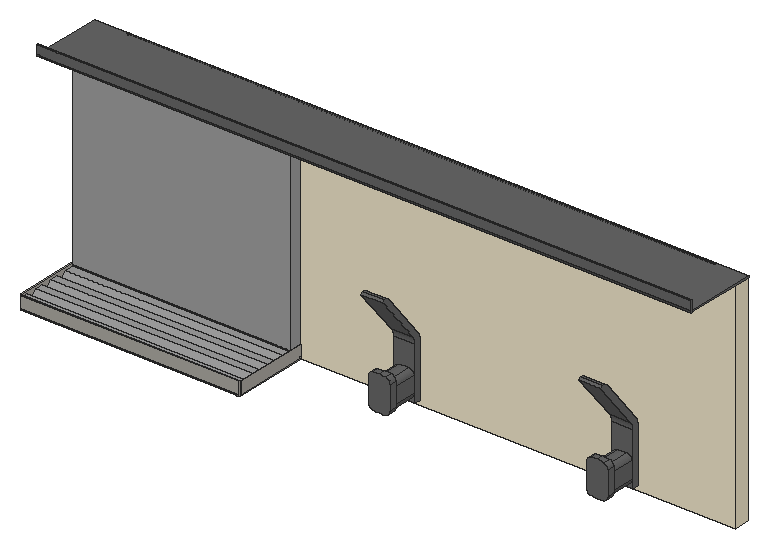
Revit family "Storage-Teknion-LWBWS_Byward_Wall_Shelves-R2019", category Furniture, Revit 2019
Family settings
  OmniClass Number = 23.40.20.00
  OmniClass Title = General Furniture and Specialties
  Work Plane-Based = No
  Always vertical = Yes
  Cut with Voids When Loaded = No
  Shared = Yes
  Room Calculation Point = No
Parameters (values of type "Right Hooks, Upper Shelf")
  Width [instance] = 30.000"
  Warranty = "http://www.teknion.com/ca/papers/legal-canada"
  Upper Shelf = yes
  Unit Weight URL = "http://www.teknion.com/ca/tools/assets#&asset=bee6a381-b954-425e-8283-5a2de3a804f2,f828d448-4b62-4231-9e5f-9a8991c0ed77"
  URL = "www.teknion.com"
  To render please download texture images found here [instance] = "https://assets.teknion.com/web/5e81352c1dfdb467/revit-material-swatches/"
  Sustainability Data = "https://www.teknion.com/ca/tools/assets#&topic=216f99a5-57a0-44fc-b10a-9dee9b29ae4c&asset=444deb64-fe58-4b68-981e-f75e97781df7,b4ff2d81-9f2e-437d-9659-7cffb09c31cf"
  Series = "Byward"  # constant formula
  Product Page URL = "https://www.teknion.com/ca/products/product-details?productLineId=87d0476f-8e7a-673b-a6c8-ff05004460c4"
  Product Line = "Byward"  # constant formula
  Product Documentation Link = "https://assets.teknion.com/m/d3f7903c0f9c31f/original/Byward-Reference-Guide.pdf"
  Part Number = "LWBWS"  # constant formula
  Mounting Height [instance] = 60.000"
  Model = "LWBWSR1004__"
  Manufacturer Phone = "416-661-3370"  # constant formula
  Manufacturer Fax = "416.661.4586"  # constant formula
  Manufacturer Contact Information = "http://www.teknion.com/ca/contactus"
  Manufacturer Address = "1150 Flint Road, Toronto, ON. M3J 2J5. Canada"  # constant formula
  Manufacturer = "Teknion"  # constant formula
  Lower Shelf with Tray = no
  Lower Shelf with Dividers = no
  Right Hooks, Upper Shelf = yes
  Left Hooks, Upper Shelf = no
  How To Use Teknion Materials User Guide [instance] = "https://assets.teknion.com/m/205dd0a49fa58060/original/How-to-add-a-Material-Library-and-Texture-Images-to-your-Revit-project.pdf"
  For Additional Finishes please visit [instance] = "https://assets.teknion.com/m/44a8009b046e5d47/original/Teknion_Materials_Library.zip"
  Description = "Byward, Wall Shelves, Right Hooks, Upper Shelf, 10\" Height, 4\" Depth"
  Bottom Sliding Tray = no
  Back Panel Finish [instance] = Veneer-Teknion-VZ-Flintwood-Blond_Maple (Long Grain)
  Available Widths [instance] = if(or([Left Hooks, Upper Shelf], [Right Hooks, Upper Shelf]), "30\" or 36\"", "24\", 30\", or 36\"")  # "30\" or 36\""
  Assembly Code = "E2020200"
  Accent Tray Paint Finish [instance] = Paint - Teknion - Mica - Titanium Grey
Reference planes (in)
  plane 1 "Center Front/Back": y = -1.02944
  plane 2: z = 0
  plane 3 "Center Left/Right": x = -0.79901
  plane 4 "Left": x = -15.79901
  plane 5 "Right": x = 14.20099
  plane 6 "Back": y = 1.33266
  plane 7 "Front": y = -3.39154
  plane 8 "Top": z = 60
Forms (in)
  Sweep 1, solid, material "Veneer-Teknion-VZ-Flintwood-Blond_Maple (Long Grain)" <- "Back Panel Finish"
    path origin (0, 0, 0) x (1, 0, 0) y (0, 1, 0)
      loop
        line (-15.79901, -1.02944) -> (14.20099, -1.02944)
    profile origin (-0.79901, -1.02944, 0) x (0, 1, 0) y (0, 0, 1)
      loop
        line (1.9649, 59.902) -> (1.2399, 59.902) -> (1.2399, 49.902) -> (1.9649, 49.902) -> (1.9649, 59.902)
  Sweep 2, solid, material "Paint-Teknion-23-Z-Foundation-Foundry Onyx"
    path origin (0, 0, 0) x (1, 0, 0) y (0, 1, 0)
      loop
        line (-14.29901, 1.15364) -> (-12.67401, 1.15364)
    profile origin (-13.48651, 1.15364, 0) x (0, 1, 0) y (0, 0, 1)
      loop
        line (0.08183, 51.8764) -> (0.08183, 51.1744) -> (0.15683, 51.1744) -> (0.15683, 51.8764)
        arc (0.15683, 51.8764) -> (0.1208, 51.96337) -> (0.03383, 51.9994) r 0.123
        line (0.03383, 51.9994) -> (-0.09517, 51.9994)
        arc (-0.09517, 51.9994) -> (-0.12911, 52.01346) -> (-0.14317, 52.0474) r 0.048
        line (-0.14317, 52.0474) -> (-0.14317, 53.0514)
        arc (-0.14317, 53.0514) -> (-0.12911, 53.08534) -> (-0.09517, 53.0994) r 0.048
        line (-0.09517, 53.0994) -> (0.03383, 53.0994)
        arc (0.03383, 53.0994) -> (0.1208, 53.13543) -> (0.15683, 53.2224) r 0.123
        line (0.15683, 53.2224) -> (0.15683, 53.9244) -> (0.08183, 53.9244) -> (0.08183, 53.2224)
        arc (0.08183, 53.2224) -> (0.06777, 53.18846) -> (0.03383, 53.1744) r 0.048
        line (0.03383, 53.1744) -> (-0.09517, 53.1744)
        arc (-0.09517, 53.1744) -> (-0.18215, 53.13837) -> (-0.21817, 53.0514) r 0.123
        line (-0.21817, 53.0514) -> (-0.21817, 52.0474)
        arc (-0.21817, 52.0474) -> (-0.18215, 51.96043) -> (-0.09517, 51.9244) r 0.123
        line (-0.09517, 51.9244) -> (0.03383, 51.9244)
        arc (0.03383, 51.9244) -> (0.06777, 51.91034) -> (0.08183, 51.8764) r 0.048
  Sweep 3, solid, material "Paint-Teknion-23-Z-Foundation-Foundry Onyx", visible <- "Bottom Sliding Tray"
    path origin (0, 0, 0) x (1, 0, 0) y (0, 1, 0)
      loop
        line (-15.79901, -1.02944) -> (14.20099, -1.02944)
    profile origin (-0.79901, -1.02944, 0) x (0, 1, 0) y (0, 0, 1)
      loop
        line (2.0129, 50.854) -> (1.9649, 50.854) -> (1.9649, 49.932)
        arc (1.9649, 49.932) -> (1.95611, 49.91079) -> (1.9349, 49.902) r 0.03
        line (1.9349, 49.902) -> (-2.2841, 49.902)
        arc (-2.2841, 49.902) -> (-2.30531, 49.91079) -> (-2.3141, 49.932) r 0.03
        line (-2.3141, 49.932) -> (-2.3141, 50.354) -> (-2.3621, 50.354) -> (-2.3621, 49.932)
        arc (-2.3621, 49.932) -> (-2.33925, 49.87685) -> (-2.2841, 49.854) r 0.078
        line (-2.2841, 49.854) -> (1.9349, 49.854)
        arc (1.9349, 49.854) -> (1.99005, 49.87685) -> (2.0129, 49.932) r 0.078
        line (2.0129, 49.932) -> (2.0129, 50.854)
  Sweep 4, solid, material "Fabric - Teknion - R5 - Smooth Felt - Pewter", visible <- "Lower Shelf with Tray"
    path origin (0, 0, 0) x (1, 0, 0) y (0, 1, 0)
      loop
        line (-15.79901, -1.45801) -> (-5.79901, -1.45801)
    profile origin (-10.79901, -1.45801, 0) x (0, 1, 0) y (0, 0, 1)
      loop
        line (-1.83152, 56.048) -> (1.56848, 56.048) -> (1.56848, 56.54013) -> (0.97, 56.54013) -> (0.72388, 56.294) -> (0.47775, 56.54013) -> (0.11454, 56.54013) -> (-0.13152, 56.29406) -> (-0.37759, 56.54013) -> (-0.7408, 56.54013) -> (-0.98692, 56.294) -> (-1.23305, 56.54013) -> (-1.83152, 56.54013) -> (-1.83152, 56.048)
  Sweep 5, solid, material "Paint - Teknion - Mica - Titanium Grey" <- "Accent Tray Paint Finish", visible <- "Lower Shelf with Tray"
    path origin (0, 0, 0) x (1, 0, 0) y (0, 1, 0)
      loop
        line (-15.79901, -1.45801) -> (-5.79901, -1.45801)
    profile origin (-10.79901, -1.45801, 0) x (0, 1, 0) y (0, 0, 1)
      loop
        line (2.45848, 58.95) -> (2.50648, 58.95) -> (2.50648, 59.922)
        arc (2.50648, 59.922) -> (2.48363, 59.97715) -> (2.42848, 60) r 0.078
        line (2.42848, 60) -> (1.69848, 60)
        arc (1.69848, 60) -> (1.64332, 59.97715) -> (1.62048, 59.922) r 0.078
        line (1.62048, 59.922) -> (1.62048, 56.078)
        arc (1.62048, 56.078) -> (1.61169, 56.05679) -> (1.59048, 56.048) r 0.03
        line (1.59048, 56.048) -> (-1.83152, 56.048)
        arc (-1.83152, 56.048) -> (-1.85274, 56.05679) -> (-1.86152, 56.078) r 0.03
        line (-1.86152, 56.078) -> (-1.86152, 56.625) -> (-1.90952, 56.625) -> (-1.90952, 56.078)
        arc (-1.90952, 56.078) -> (-1.88668, 56.02285) -> (-1.83152, 56) r 0.078
        line (-1.83152, 56) -> (1.59048, 56)
        arc (1.59048, 56) -> (1.64563, 56.02285) -> (1.66848, 56.078) r 0.078
        line (1.66848, 56.078) -> (1.66848, 59.922)
        arc (1.66848, 59.922) -> (1.67726, 59.94321) -> (1.69848, 59.952) r 0.03
        line (1.69848, 59.952) -> (2.42848, 59.952)
        arc (2.42848, 59.952) -> (2.44969, 59.94321) -> (2.45848, 59.922) r 0.03
        line (2.45848, 59.922) -> (2.45848, 58.95)
  Sweep 6, solid, material "Paint - Teknion - Mica - Titanium Grey" <- "Accent Tray Paint Finish", visible <- "Lower Shelf with Tray"
    path origin (0, 0, 0) x (1, 0, 0) y (0, 1, 0)
      loop
        line (-15.85301, -3.2917) -> (-15.85301, 0.13246)
    profile origin (-15.85301, -1.57962, 0) x (-1, 0, 0) y (0, 0, 1)
      loop
        line (-0.024, 56.625) -> (-0.024, 56.078)
        arc (-0.024, 56.078) -> (-0.03279, 56.05679) -> (-0.054, 56.048) r 0.03
        line (-0.054, 56.048) -> (-0.054, 56)
        arc (-0.054, 56) -> (0.00115, 56.02285) -> (0.024, 56.078) r 0.078
        line (0.024, 56.078) -> (0.024, 56.625) -> (-0.024, 56.625)
      loop
        line (-10.084, 56.625) -> (-10.132, 56.625) -> (-10.132, 56.078)
        arc (-10.132, 56.078) -> (-10.10915, 56.02285) -> (-10.054, 56) r 0.078
        line (-10.054, 56) -> (-10.054, 56.048)
        arc (-10.054, 56.048) -> (-10.07521, 56.05679) -> (-10.084, 56.078) r 0.03
        line (-10.084, 56.078) -> (-10.084, 56.625)
  Sweep 7, solid, material "Paint-Teknion-23-Z-Foundation-Foundry Onyx"
    path origin (25.625, 0, 0) x (1, 0, 0) y (0, 1, 0)
      loop
        line (-14.29901, 1.15364) -> (-12.79901, 1.15364)
    profile origin (12.07599, 1.15364, 0) x (0, 1, 0) y (0, 0, 1)
      loop
        line (0.08183, 51.8764) -> (0.08183, 51.1744) -> (0.15683, 51.1744) -> (0.15683, 51.8764)
        arc (0.15683, 51.8764) -> (0.1208, 51.96337) -> (0.03383, 51.9994) r 0.123
        line (0.03383, 51.9994) -> (-0.09517, 51.9994)
        arc (-0.09517, 51.9994) -> (-0.12911, 52.01346) -> (-0.14317, 52.0474) r 0.048
        line (-0.14317, 52.0474) -> (-0.14317, 53.0514)
        arc (-0.14317, 53.0514) -> (-0.12911, 53.08534) -> (-0.09517, 53.0994) r 0.048
        line (-0.09517, 53.0994) -> (0.03383, 53.0994)
        arc (0.03383, 53.0994) -> (0.1208, 53.13543) -> (0.15683, 53.2224) r 0.123
        line (0.15683, 53.2224) -> (0.15683, 53.9244) -> (0.08183, 53.9244) -> (0.08183, 53.2224)
        arc (0.08183, 53.2224) -> (0.06777, 53.18846) -> (0.03383, 53.1744) r 0.048
        line (0.03383, 53.1744) -> (-0.09517, 53.1744)
        arc (-0.09517, 53.1744) -> (-0.18215, 53.13837) -> (-0.21817, 53.0514) r 0.123
        line (-0.21817, 53.0514) -> (-0.21817, 52.0474)
        arc (-0.21817, 52.0474) -> (-0.18215, 51.96043) -> (-0.09517, 51.9244) r 0.123
        line (-0.09517, 51.9244) -> (0.03383, 51.9244)
        arc (0.03383, 51.9244) -> (0.06777, 51.91034) -> (0.08183, 51.8764) r 0.048
  Sweep 8, solid, material "Paint-Teknion-23-Z-Foundation-Foundry Onyx"
    path origin (0, 0, 0) x (1, 0, 0) y (0, 1, 0)
      loop
        line (-14.29901, 1.12296) -> (12.70099, 1.12296)
    profile origin (-0.79901, 1.12296, 0) x (0, 1, 0) y (0, 0, 1)
      loop
        line (0.1617, 58.27007) -> (0.1617, 57.52007) -> (0.2097, 57.52007) -> (0.2097, 58.26176)
        arc (0.2097, 58.26176) -> (0.20701, 58.28221) -> (0.19912, 58.30126) r 0.079
        line (0.19912, 58.30126) -> (0.16393, 58.3622) -> (0.2055, 58.3862) -> (-0.04008, 58.81157)
        arc (-0.04008, 58.81157) -> (-0.12895, 58.84838) -> (-0.1875, 58.77207) r 0.079
        line (-0.1875, 58.77207) -> (-0.1875, 57.5669) -> (-0.1395, 57.5669) -> (-0.1395, 58.77207)
        arc (-0.1395, 58.77207) -> (-0.11754, 58.80175) -> (-0.08273, 58.78943) r 0.03104
        line (-0.08273, 58.78943) -> (-0.1243, 58.76543) -> (0.1617, 58.27007)
  Sweep 9, solid, material "Paint - Teknion - Mica - Titanium Grey" <- "Accent Tray Paint Finish", visible <- "Lower Shelf with Dividers"
    path origin (0, 0, 0) x (1, 0, 0) y (0, 1, 0)
      loop
        line (-5.19305, 0.60521) -> (2.80695, 0.60521)
    profile origin (-1.19305, 0.60521, 0) x (0, 1, 0) y (0, 0, 1)
      loop
        line (-0.44275, 59.942) -> (-0.44275, 50.02) -> (-0.39475, 50.02) -> (-0.39475, 59.942) -> (0.39475, 59.942) -> (0.39475, 58.94) -> (0.44275, 58.94) -> (0.44275, 59.942)
        arc (0.44275, 59.942) -> (0.42869, 59.97594) -> (0.39475, 59.99) r 0.048
        line (0.39475, 59.99) -> (-0.39475, 59.99)
        arc (-0.39475, 59.99) -> (-0.42869, 59.97594) -> (-0.44275, 59.942) r 0.048
  Sweep 10, void
    path origin (-0.79901, 0, 0) x (0, 1, 0) y (0, 0, 1)
      loop
        line (0.16246, 54.19937) -> (0.21046, 54.19937)
    profile origin (-0.79901, 0.18646, 54.19937) x (0, 0, 1) y (1, 0, 0)
      loop
        line (-3.30437, -3.14404) -> (0.19563, -3.14404)
        arc (0.19563, -3.14404) -> (0.28402, -3.10743) -> (0.32063, -3.01904) r 0.125
        line (0.32063, -3.01904) -> (0.32063, 0.48096)
        arc (0.32063, 0.48096) -> (0.28402, 0.56935) -> (0.19563, 0.60596) r 0.125
        line (0.19563, 0.60596) -> (-3.30437, 0.60596)
        arc (-3.30437, 0.60596) -> (-3.39276, 0.56935) -> (-3.42937, 0.48096) r 0.125
        line (-3.42937, 0.48096) -> (-3.42937, -3.01904)
        arc (-3.42937, -3.01904) -> (-3.39276, -3.10743) -> (-3.30437, -3.14404) r 0.125
  Sweep 11, solid, material "Paint - Teknion - Mica - Titanium Grey" <- "Accent Tray Paint Finish", visible <- "Lower Shelf with Dividers"
    path origin (0, 0, 0) x (1, 0, 0) y (0, 1, 0)
      loop
        line (-7.19305, -0.65004) -> (0.80695, -0.65004)
    profile origin (-3.19305, -0.65004, 0) x (0, 1, 0) y (0, 0, 1)
      loop
        line (0.7825, 49.99) -> (-0.6575, 49.99)
        arc (-0.6575, 49.99) -> (-0.67871, 49.99879) -> (-0.6875, 50.02) r 0.03
        line (-0.6875, 50.02) -> (-0.6875, 55.942) -> (-0.7355, 55.942) -> (-0.7355, 50.02)
        arc (-0.7355, 50.02) -> (-0.71265, 49.96485) -> (-0.6575, 49.942) r 0.078
        line (-0.6575, 49.942) -> (0.7825, 49.942) -> (0.7825, 49.99)
  Sweep 12, solid, material "Paint - Teknion - Mica - Titanium Grey" <- "Accent Tray Paint Finish", visible <- "Lower Shelf with Dividers"
    path origin (0, 0, 0) x (1, 0, 0) y (0, 1, 0)
      loop
        line (-5.19305, 0.18646) -> (0.80695, 0.18646)
    profile origin (-2.19305, 0.18646, 0) x (0, 1, 0) y (0, 0, 1)
      loop
        arc (-0.024, 50.02) -> (-0.03279, 49.99879) -> (-0.054, 49.99) r 0.03
        line (-0.054, 49.99) -> (-0.054, 49.942)
        arc (-0.054, 49.942) -> (0.00115, 49.96485) -> (0.024, 50.02) r 0.078
        line (0.024, 50.02) -> (-0.024, 50.02)
  Sweep 13, void
    path origin (0, 0, 0) x (1, 0, 0) y (0, 1, 0)
      loop
        line (-3.19305, -1.38554) -> (-3.19305, -1.33754)
    profile origin (-3.19305, -1.36154, 0) x (-1, 0, 0) y (0, 0, 1)
      loop
        line (4, 55.942) -> (3.75, 55.942)
        arc (3.75, 55.942) -> (3.92678, 55.86878) -> (4, 55.692) r 0.25
        line (4, 55.692) -> (4, 55.942)
      loop
        line (-4, 55.942) -> (-4, 55.692)
        arc (-4, 55.692) -> (-3.92678, 55.86878) -> (-3.75, 55.942) r 0.25
        line (-3.75, 55.942) -> (-4, 55.942)
  Sweep 14, solid, material "Paint-Teknion-23-Z-Foundation-Foundry Onyx", visible <- "Upper Shelf"
    path origin (0, 0, 0) x (1, 0, 0) y (0, 1, 0)
      loop
        line (14.20099, 0.90546) -> (-15.79901, 0.90546)
    profile origin (-0.79901, 0.90546, 0) x (0, -1, 0) y (0, 0, 1)
      loop
        line (3.195, 59.962) -> (-0.03, 59.962) -> (-0.03, 59.902) -> (3.195, 59.902)
        arc (3.195, 59.902) -> (3.25864, 59.92836) -> (3.285, 59.992) r 0.09
        line (3.285, 59.992) -> (3.285, 60.402) -> (3.225, 60.402) -> (3.225, 59.992)
        arc (3.225, 59.992) -> (3.21621, 59.97079) -> (3.195, 59.962) r 0.03
  Sweep 15, solid, material "Paint-Teknion-23-Z-Foundation-Foundry Onyx", visible <- "Upper Shelf"
    path origin (0, 0, 0) x (1, 0, 0) y (0, 1, 0)
      loop
        line (-14.29901, 1.18296) -> (12.70099, 1.18296)
    profile origin (-0.79901, 1.18296, 0) x (0, 1, 0) y (0, 0, 1)
      loop
        line (-0.1875, 58.987) -> (-0.1875, 59.872)
        arc (-0.1875, 59.872) -> (-0.21386, 59.93564) -> (-0.2775, 59.962) r 0.09
        line (-0.2775, 59.962) -> (-0.2775, 59.902)
        arc (-0.2775, 59.902) -> (-0.25629, 59.89321) -> (-0.2475, 59.872) r 0.03
        line (-0.2475, 59.872) -> (-0.2475, 58.97092) -> (0.07304, 58.41573) -> (0.125, 58.44573) -> (-0.1875, 58.987)
  Sweep 16, solid, material "Paint - Teknion - Mica - Titanium Grey" <- "Accent Tray Paint Finish", visible <- "Right Hooks, Upper Shelf"
    path origin (0, 0, 0) x (1, 0, 0) y (0, 1, 0)
      loop
        line (-15.85301, 0.15546) -> (-15.85301, -3.2117)
    profile origin (-15.85301, -1.52812, 0) x (1, 0, 0) y (0, 0, 1)
      loop
        arc (-0.024, 49.932) -> (-0.00115, 49.87685) -> (0.054, 49.854) r 0.078
        line (0.054, 49.854) -> (0.054, 49.902)
        arc (0.054, 49.902) -> (0.03279, 49.91079) -> (0.024, 49.932) r 0.03
        line (0.024, 49.932) -> (0.024, 50.479) -> (-0.024, 50.479) -> (-0.024, 49.932)
      loop
        line (10.132, 49.932) -> (10.132, 50.479) -> (10.084, 50.479) -> (10.084, 49.932)
        arc (10.084, 49.932) -> (10.07521, 49.91079) -> (10.054, 49.902) r 0.03
        line (10.054, 49.902) -> (10.054, 49.854)
        arc (10.054, 49.854) -> (10.10915, 49.87685) -> (10.132, 49.932) r 0.078
  Sweep 17, solid, material "Paint - Teknion - Mica - Titanium Grey" <- "Accent Tray Paint Finish", visible <- "Right Hooks, Upper Shelf"
    path origin (0, 0, 0) x (1, 0, 0) y (0, 1, 0)
      loop
        line (-15.79901, -1.57962) -> (-5.79901, -1.57962)
    profile origin (-10.79901, -1.57962, 0) x (0, 1, 0) y (0, 0, 1)
      loop
        line (2.56308, 50.854) -> (2.51508, 50.854) -> (2.51508, 49.902) -> (-1.62992, 49.902)
        arc (-1.62992, 49.902) -> (-1.65113, 49.91079) -> (-1.65992, 49.932) r 0.03
        line (-1.65992, 49.932) -> (-1.65992, 50.479) -> (-1.70792, 50.479) -> (-1.70792, 49.92984)
        arc (-1.70792, 49.92984) -> (-1.68571, 49.87621) -> (-1.63208, 49.854) r 0.07584
        line (-1.63208, 49.854) -> (2.48508, 49.854)
        arc (2.48508, 49.854) -> (2.54023, 49.87685) -> (2.56308, 49.932) r 0.078
        line (2.56308, 49.932) -> (2.56308, 50.854)
  Sweep 18, solid, material "Fabric - Teknion - R5 - Smooth Felt - Pewter", visible <- "Right Hooks, Upper Shelf"
    path origin (0, 0, 0) x (1, 0, 0) y (0, 1, 0)
      loop
        line (-15.79901, -1.6704) -> (-5.79901, -1.6704)
    profile origin (-10.79901, -1.6704, 0) x (0, 1, 0) y (0, 0, 1)
      loop
        line (0.95032, 50.39413) -> (0.70426, 50.14806) -> (0.4582, 50.39413) -> (0.09482, 50.39413) -> (-0.15124, 50.14806) -> (-0.3973, 50.39413) -> (-0.76118, 50.39413) -> (-1.00724, 50.14806) -> (-1.2533, 50.39413) -> (-1.53914, 50.39413) -> (-1.53914, 49.932) -> (1.79886, 49.932) -> (1.33674, 50.39413) -> (0.95032, 50.39413)
  Sweep 19, solid, material "Fabric - Teknion - R5 - Smooth Felt - Pewter", visible <- "Right Hooks, Upper Shelf"
    path origin (0, 0, 0) x (1, 0, 0) y (0, 1, 0)
      loop
        line (-15.79901, -0.1026) -> (-5.79901, -0.1026)
    profile origin (-10.79901, -0.1026, 0) x (0, 1, 0) y (0, 0, 1)
      loop
        line (-0.19906, 59.887) -> (-0.19906, 50.42613) -> (0.29306, 49.934) -> (0.29306, 59.887) -> (-0.19906, 59.887)
  Sweep 20, solid, material "Paint - Teknion - Mica - Titanium Grey" <- "Accent Tray Paint Finish", visible <- "Left Hooks, Upper Shelf"
    path origin (30.108, 0, 0) x (1, 0, 0) y (0, 1, 0)
      loop
        line (-15.85301, -3.2117) -> (-15.85301, 0.15546)
    profile origin (14.25499, -1.52812, 0) x (-1, 0, 0) y (0, 0, 1)
      loop
        arc (-0.024, 49.884) -> (-0.00115, 49.82885) -> (0.054, 49.806) r 0.078
        line (0.054, 49.806) -> (0.054, 49.854)
        arc (0.054, 49.854) -> (0.03279, 49.86279) -> (0.024, 49.884) r 0.03
        line (0.024, 49.884) -> (0.024, 50.431) -> (-0.024, 50.431) -> (-0.024, 49.884)
      loop
        line (10.132, 49.884) -> (10.132, 50.431) -> (10.084, 50.431) -> (10.084, 49.884)
        arc (10.084, 49.884) -> (10.07521, 49.86279) -> (10.054, 49.854) r 0.03
        line (10.054, 49.854) -> (10.054, 49.806)
        arc (10.054, 49.806) -> (10.10915, 49.82885) -> (10.132, 49.884) r 0.078
  Sweep 21, solid, material "Paint - Teknion - Mica - Titanium Grey" <- "Accent Tray Paint Finish", visible <- "Left Hooks, Upper Shelf"
    path origin (20, 0, 0) x (1, 0, 0) y (0, 1, 0)
      loop
        line (-15.79901, -1.57962) -> (-5.79901, -1.57962)
    profile origin (9.20099, -1.57962, 0) x (0, 1, 0) y (0, 0, 1)
      loop
        line (2.56308, 50.854) -> (2.51508, 50.854) -> (2.51508, 49.902) -> (-1.62992, 49.902)
        arc (-1.62992, 49.902) -> (-1.65113, 49.91079) -> (-1.65992, 49.932) r 0.03
        line (-1.65992, 49.932) -> (-1.65992, 50.479) -> (-1.70792, 50.479) -> (-1.70792, 49.92984)
        arc (-1.70792, 49.92984) -> (-1.68571, 49.87621) -> (-1.63208, 49.854) r 0.07584
        line (-1.63208, 49.854) -> (2.48508, 49.854)
        arc (2.48508, 49.854) -> (2.54023, 49.87685) -> (2.56308, 49.932) r 0.078
        line (2.56308, 49.932) -> (2.56308, 50.854)
  Sweep 22, solid, material "Fabric - Teknion - R5 - Smooth Felt - Pewter", visible <- "Left Hooks, Upper Shelf"
    path origin (20, 0, 0) x (1, 0, 0) y (0, 1, 0)
      loop
        line (-15.79901, -1.6704) -> (-5.79901, -1.6704)
    profile origin (9.20099, -1.6704, 0) x (0, 1, 0) y (0, 0, 1)
      loop
        line (0.95032, 50.39413) -> (0.70426, 50.14806) -> (0.4582, 50.39413) -> (0.09482, 50.39413) -> (-0.15124, 50.14806) -> (-0.3973, 50.39413) -> (-0.76118, 50.39413) -> (-1.00724, 50.14806) -> (-1.2533, 50.39413) -> (-1.53914, 50.39413) -> (-1.53914, 49.932) -> (1.79886, 49.932) -> (1.33674, 50.39413) -> (0.95032, 50.39413)
  Sweep 23, solid, material "Fabric - Teknion - R5 - Smooth Felt - Pewter", visible <- "Left Hooks, Upper Shelf"
    path origin (20, 0, 0) x (1, 0, 0) y (0, 1, 0)
      loop
        line (-15.79901, -0.1026) -> (-5.79901, -0.1026)
    profile origin (9.20099, -0.1026, 0) x (0, 1, 0) y (0, 0, 1)
      loop
        line (-0.19906, 59.887) -> (-0.19906, 50.42613) -> (0.29306, 49.934) -> (0.29306, 59.887) -> (-0.19906, 59.887)
Cuts and joins
  Sweep 10 cuts Sweep 9
  Sweep 13 cuts Sweep 11
Lines and regions (in)
  Masking region 1
    outline origin (0, 0, 0) x (1, 0, 0) y (0, 1, 0)
      loop
        line (-15.79901, 0.93546) -> (-15.79901, 0.21046) -> (14.20099, 0.21046) -> (14.20099, 0.93546) -> (-15.79901, 0.93546)
  Masking region 2, visible <- "Bottom Sliding Tray"
    outline origin (0, 0, 0) x (1, 0, 0) y (0, 1, 0)
      loop
        line (-15.79901, 0.21046) -> (-15.79901, -3.39154) -> (14.20099, -3.39154) -> (14.20099, 0.21046) -> (-15.79901, 0.21046)
  Masking region 3, visible <- "Bottom Sliding Tray"
    outline origin (0, 0, 0) x (1, 0, 0) y (0, 1, 0)
      loop
        line (-15.79901, 0.98346) -> (-15.79901, 0.93546) -> (14.20099, 0.93546) -> (14.20099, 0.98346) -> (-15.79901, 0.98346)
  Masking region 4, visible <- "Lower Shelf with Tray"
    outline origin (0, 0, 0) x (1, 0, 0) y (0, 1, 0)
      loop
        line (-15.79901, 1.04846) -> (-15.79901, 0.11046) -> (-5.79901, 0.11046) -> (-5.79901, 1.04846) -> (-15.79901, 1.04846)
  Masking region 5, visible <- "Lower Shelf with Tray"
    outline origin (0, 0, 0) x (1, 0, 0) y (0, 1, 0)
      loop
        line (-15.79901, 0.11046) -> (-15.79901, -3.28954) -> (-5.79901, -3.28954) -> (-5.79901, 0.11046) -> (-15.79901, 0.11046)
  Masking region 6, visible <- "Lower Shelf with Tray"
    outline origin (0, 0, 0) x (1, 0, 0) y (0, 1, 0)
      loop
        line (-15.87701, 0.13246) -> (-15.87701, -3.2917) -> (-15.79901, -3.2917) -> (-15.79901, 0.13246) -> (-15.87701, 0.13246)
  Masking region 7, visible <- "Lower Shelf with Tray"
    outline origin (0, 0, 0) x (1, 0, 0) y (0, 1, 0)
      loop
        line (-5.79901, 0.13246) -> (-5.79901, -3.2917) -> (-5.72101, -3.2917) -> (-5.72101, 0.13246) -> (-5.79901, 0.13246)
  Masking region 8, visible <- "Lower Shelf with Tray"
    outline origin (0, 0, 0) x (1, 0, 0) y (0, 1, 0)
      loop
        line (-15.79901, -3.36754) -> (-5.79901, -3.36754) -> (-5.79901, -3.2917) -> (-15.79901, -3.2917) -> (-15.79901, -3.36754)
  Masking region 9, visible <- "Upper Shelf"
    outline origin (0, 0, 0) x (1, 0, 0) y (0, 1, 0)
      loop
        line (-15.79901, 0.93546) -> (-15.79901, -2.37954) -> (14.20099, -2.37954) -> (14.20099, 0.93546) -> (-15.79901, 0.93546)
  Masking region 10, visible <- "Lower Shelf with Dividers"
    outline origin (0, 0, 0) x (1, 0, 0) y (0, 1, 0)
      loop
        line (0.80695, 0.13246) -> (-7.19305, 0.13246) -> (-7.19305, -1.38554) -> (0.80695, -1.38554) -> (0.80695, 0.13246)
  Masking region 11, visible <- "Lower Shelf with Dividers"
    outline origin (0, 0, 0) x (1, 0, 0) y (0, 1, 0)
      loop
        line (-5.19305, 1.04796) -> (-5.19305, 0.13246) -> (2.80695, 0.13246) -> (2.80695, 1.04796) -> (-5.19305, 1.04796)
  Masking region 12, visible <- "Left Hooks, Upper Shelf"
    outline origin (0, 0, 0) x (1, 0, 0) y (0, 1, 0)
      loop
        line (4.12299, -3.2117) -> (4.20099, -3.2117) -> (4.20099, -2.37954) -> (4.12299, -2.37954) -> (4.12299, -3.2117)
      loop
        line (14.20099, -3.2117) -> (14.27899, -3.2117) -> (14.27899, 0.15546) -> (14.20099, 0.15546) -> (14.20099, -3.2117)
  Masking region 13, visible <- "Left Hooks, Upper Shelf"
    outline origin (0, 0, 0) x (1, 0, 0) y (0, 1, 0)
      loop
        line (4.20099, -3.20954) -> (14.20099, -3.20954) -> (14.20099, -2.37954) -> (4.20099, -2.37954) -> (4.20099, -3.20954)
  Masking region 14, visible <- "Left Hooks, Upper Shelf"
    outline origin (0, 0, 0) x (1, 0, 0) y (0, 1, 0)
      loop
        line (4.20099, -3.20954) -> (4.20099, -3.28754) -> (14.20099, -3.28754) -> (14.20099, -3.20954) -> (4.20099, -3.20954)
  Masking region 15, visible <- "Right Hooks, Upper Shelf"
    outline origin (0, 0, 0) x (1, 0, 0) y (0, 1, 0)
      loop
        line (-15.87701, 0.15546) -> (-15.87701, -3.2117) -> (-15.79901, -3.2117) -> (-15.79901, 0.15546) -> (-15.87701, 0.15546)
      loop
        line (-5.72101, -2.37954) -> (-5.79901, -2.37954) -> (-5.79901, -3.2117) -> (-5.72101, -3.2117) -> (-5.72101, -2.37954)
  Masking region 16, visible <- "Right Hooks, Upper Shelf"
    outline origin (0, 0, 0) x (1, 0, 0) y (0, 1, 0)
      loop
        line (-15.79901, -3.20954) -> (-15.79901, -3.28754) -> (-5.79901, -3.28754) -> (-5.79901, -3.20954) -> (-15.79901, -3.20954)
  Masking region 17, visible <- "Right Hooks, Upper Shelf"
    outline origin (0, 0, 0) x (1, 0, 0) y (0, 1, 0)
      loop
        line (-15.79901, -2.37954) -> (-15.79901, -3.2117) -> (-5.79901, -3.2117) -> (-5.79901, -2.37954) -> (-15.79901, -2.37954)
  Masking region 18, visible <- "Right Hooks, Upper Shelf"
    outline origin (0, 0, 0) x (1, 0, 0) y (0, 1, 0)
      loop
        line (-15.79901, 0.98346) -> (-15.79901, 0.93546) -> (-5.79901, 0.93546) -> (-5.79901, 0.98346) -> (-15.79901, 0.98346)
  Masking region 19, visible <- "Left Hooks, Upper Shelf"
    outline origin (0, 0, 0) x (1, 0, 0) y (0, 1, 0)
      loop
        line (4.20099, 0.98346) -> (4.20099, 0.93546) -> (14.20099, 0.93546) -> (14.20099, 0.98346) -> (4.20099, 0.98346)
  Masking region 20
    outline origin (0, 0, 0) x (1, 0, 0) y (0, 1, 0)
      loop
        line (-14.29901, 1.33266) -> (-14.29901, 0.90546) -> (12.82599, 0.90546) -> (12.82599, 1.33266) -> (-14.29901, 1.33266)
  symbolic lines, visible <- "Lower Shelf with Tray"
    curve 1: line (-5.79901, -0.48801, 0) -> (-15.79901, -0.48801, 0)
    curve 2: line (-5.79901, -0.73414, 0) -> (-15.79901, -0.73414, 0)
    curve 3: line (-5.79901, -0.98026, 0) -> (-15.79901, -0.98026, 0)
    curve 4: line (-5.79901, -1.34347, 0) -> (-15.79901, -1.34347, 0)
    curve 5: line (-5.79901, -1.58954, 0) -> (-15.79901, -1.58954, 0)
    curve 6: line (-5.79901, -1.8356, 0) -> (-15.79901, -1.8356, 0)
    curve 7: line (-5.79901, -2.19881, 0) -> (-15.79901, -2.19881, 0)
    curve 8: line (-5.79901, -2.44494, 0) -> (-15.79901, -2.44494, 0)
    curve 9: line (-5.79901, -2.69106, 0) -> (-15.79901, -2.69106, 0)
  symbolic lines, visible <- "Upper Shelf"
    curve 10: line (14.20099, -2.31954, 0) -> (-15.79901, -2.31954, 0)
  reference lines
    curve 11: line (-15.79901, 2.75482, 0) -> (-15.79901, -4.9241, 0)
    curve 12: line (14.20099, 2.75482, 0) -> (14.20099, -4.9241, 0)
  symbolic lines, style "FurnitureHiddenLines", visible <- "Left Hooks, Upper Shelf", detail levels medium+fine
    curve 13: line (4.20099, -2.37954, 0) -> (4.20099, 0.15546, 0)
    curve 22: line (14.20099, -2.31954, 0) -> (14.20099, 0.15546, 0)
    curve 23: line (4.12299, 0.15546, 0) -> (4.12299, -3.2117, 0)
    curve 24: line (14.20099, 0.15546, 0) -> (4.12299, 0.15546, 0)
    curve 25: line (4.20099, 0.15546, 0) -> (4.20099, 0.98346, 0)
    curve 26: line (4.20099, 0.98346, 0) -> (14.20099, 0.98346, 0)
    curve 27: line (14.20099, 0.98346, 0) -> (14.20099, 0.15546, 0)
    curve 46: line (-0.29901, 0.21046, 0) -> (-0.29901, -1.88715, 0)
    curve 47: line (-1.29901, -1.88715, 0) -> (-0.29901, -1.88715, 0)
    curve 48: line (-1.29901, 0.21046, 0) -> (-1.29901, -1.88715, 0)
    curve 49: line (-11.29901, 0.21046, 0) -> (-11.29901, -1.88715, 0)
    curve 50: line (-10.29901, 0.21046, 0) -> (-10.29901, -1.88715, 0)
    curve 51: line (-11.29901, -1.88715, 0) -> (-10.29901, -1.88715, 0)
  symbolic lines, style "FurnitureHiddenLines", visible <- "Left Hooks, Upper Shelf", detail levels fine
    curve 14: line (14.20099, 0.12846, 0) -> (4.20099, 0.12846, 0)
    curve 15: line (4.20099, -0.33366, 0) -> (14.20099, -0.33366, 0)
    curve 16: line (14.20099, -0.72007, 0) -> (4.20099, -0.72007, 0)
    curve 17: line (14.20099, -0.96614, 0) -> (4.20099, -0.96614, 0)
    curve 18: line (14.20099, -1.2122, 0) -> (4.20099, -1.2122, 0)
    curve 19: line (14.20099, -1.57557, 0) -> (4.20099, -1.57557, 0)
    curve 20: line (14.20099, -1.82164, 0) -> (4.20099, -1.82164, 0)
    curve 21: line (14.20099, -2.0677, 0) -> (4.20099, -2.0677, 0)
  symbolic lines, style "FurnitureHiddenLines", visible <- "Right Hooks, Upper Shelf", detail levels fine
    curve 28: line (-5.79901, -2.9237, 0) -> (-15.79901, -2.9237, 0)
    curve 29: line (-5.79901, -2.67764, 0) -> (-15.79901, -2.67764, 0)
    curve 30: line (-5.79901, -2.0677, 0) -> (-15.79901, -2.0677, 0)
    curve 31: line (-5.79901, -1.82164, 0) -> (-15.79901, -1.82164, 0)
    curve 32: line (-5.79901, -1.57557, 0) -> (-15.79901, -1.57557, 0)
    curve 33: line (-5.79901, -1.2122, 0) -> (-15.79901, -1.2122, 0)
    curve 34: line (-5.79901, -0.96614, 0) -> (-15.79901, -0.96614, 0)
    curve 35: line (-5.79901, -0.72007, 0) -> (-15.79901, -0.72007, 0)
    curve 36: line (-15.79901, -0.33366, 0) -> (-5.79901, -0.33366, 0)
    curve 37: line (-15.82901, -3.23954, 0) -> (-15.82901, 0.15546, 0)
    curve 38: line (-5.79901, -3.23954, 0) -> (-15.82901, -3.23954, 0)
    curve 39: line (-15.79901, -3.20954, 0) -> (-15.79901, 0.98346, 0)
    curve 40: line (-5.79901, -3.23954, 0) -> (-5.79901, 0.93546, 0)
  symbolic lines, style "FurnitureHiddenLines", visible <- "Right Hooks, Upper Shelf", detail levels medium+fine
    curve 41: line (-5.79901, 0.15546, 0) -> (-5.72101, 0.15546, 0)
    curve 42: line (-5.72101, -3.2917, 0) -> (-5.72101, 0.15546, 0)
    curve 43: line (-5.79901, -3.2917, 0) -> (-5.72101, -3.2917, 0)
    curve 44: line (-5.79901, 0.12846, 0) -> (-15.79901, 0.12846, 0)
    curve 45: line (-5.79901, 0.11046, 0) -> (-15.79901, 0.11046, 0)
    curve 52: line (9.70099, 0.21046, 0) -> (9.70099, -1.88715, 0)
    curve 53: line (8.70099, -1.88715, 0) -> (9.70099, -1.88715, 0)
    curve 54: line (8.70099, 0.21046, 0) -> (8.70099, -1.88715, 0)
    curve 55: line (-1.29901, 0.21046, 0) -> (-1.29901, -1.88715, 0)
    curve 56: line (-0.29901, 0.21046, 0) -> (-0.29901, -1.88715, 0)
    curve 57: line (-1.29901, -1.88715, 0) -> (-0.29901, -1.88715, 0)
Dimensions and locks (in)
  "Width": plane 4 "Left" to plane 5 "Right"
  equal spacing: plane 6 "Back", plane 1 "Center Front/Back", plane 7 "Front", locked at 2.3621 each
  "Mounting Height": plane 8 "Top" to level
  equal spacing: plane 4 "Left", plane 3 "Center Left/Right", plane 5 "Right"
  plane 6 "Back" to Sweep 3 sketch curve to Sweep 3 sketch curve to Sweep 3 sketch curve to Sweep 3 sketch curve = 0.3492" locked, 0.048" locked, 0.030" locked, 0.000" locked
  Sweep 3 sketch curve to Sweep 3 sketch curve to Sweep 3 sketch curve to plane 7 "Front" = 0.000" locked, 0.030" locked, 0.048" locked
  plane 8 "Top" to Sweep 3 sketch curve to Sweep 3 sketch curve to Sweep 3 sketch curve to Sweep 3 sketch curve = 9.146" locked, 0.500" locked, 0.452" locked, 0.048" locked
  plane 8 "Top" to Sweep 2 sketch curve to Sweep 2 sketch curve to Sweep 2 sketch curve to Sweep 2 sketch curve to Sweep 2 sketch curve to Sweep 2 sketch curve to Sweep 2 sketch curve to Sweep 2 sketch curve to Sweep 2 sketch curve to Sweep 2 sketch curve to Sweep 2 sketch curve to Sweep 2 sketch curve to Sweep 2 sketch curve to Sweep 2 sketch curve = 6.0756" locked, 0.702" locked, 0.000" locked, 0.048" locked, 0.075" locked, 0.048" locked, 0.000" locked, 1.004" locked, 0.000" locked, 0.048" locked, 0.075" locked, 0.048" locked, 0.000" locked, 0.702" locked
  plane 6 "Back" to Sweep 2 sketch curve to Sweep 2 sketch curve to Sweep 2 sketch curve to Sweep 2 sketch curve to Sweep 2 sketch curve to Sweep 2 sketch curve to Sweep 2 sketch curve to Sweep 2 sketch curve to Sweep 2 sketch curve to Sweep 2 sketch curve to Sweep 2 sketch curve to Sweep 2 sketch curve to Sweep 2 sketch curve = 0.0222" locked, 0.075" locked, 0.000" locked, 0.048" locked, 0.000" locked, 0.000" locked, 0.000" locked, 0.129" locked, 0.000" locked, 0.000" locked, 0.000" locked, 0.048" locked, 0.075" locked
  plane 8 "Top" to Sweep 1 sketch curve to Sweep 1 sketch curve = 0.098" locked, 10.000" locked
  plane 6 "Back" to Sweep 1 sketch curve to Sweep 1 sketch curve = 0.3972" locked, 0.725" locked
  plane 4 "Left" to Sweep 4 sketch curve to Sweep 4 sketch curve = 0.000" locked, 10.000" locked
  locked: Sweep 4 sketch curve to plane 1 "Center Front/Back" at 0.42858
  locked: Sweep 5 sketch curve to Sweep 5 sketch curve at 10
  plane 8 "Top" to Sweep 5 sketch curve to Sweep 5 sketch curve to Sweep 5 sketch curve = 0.048" locked, 0.030" locked, 0.000" locked
  plane 6 "Back" to Sweep 5 sketch curve to Sweep 5 sketch curve to Sweep 5 sketch curve to Sweep 5 sketch curve = 0.2842" locked, 0.048" locked, 0.030" locked, 0.000" locked
  plane 6 "Back" to Sweep 5 sketch curve to Sweep 5 sketch curve to Sweep 5 sketch curve to Sweep 5 sketch curve = 1.0922" locked, 0.000" locked, 0.030" locked, 0.048" locked
  plane 8 "Top" to Sweep 5 sketch curve to Sweep 5 sketch curve to Sweep 5 sketch curve to Sweep 5 sketch curve to Sweep 5 sketch curve to Sweep 5 sketch curve to Sweep 5 sketch curve = 3.375" locked, 0.547" locked, 0.000" locked, 0.000" locked, 0.000" locked, 0.030" locked, 0.048" locked
  Sweep 5 sketch curve to Sweep 5 sketch curve to Sweep 5 sketch curve to Sweep 5 sketch curve to plane 7 "Front" = 0.000" locked, 0.030" locked, 0.048" locked, 0.024" locked
  Sweep 6 sketch curve to plane 1 "Center Front/Back" to Sweep 6 sketch curve = 2.26226" locked, 1.1619" locked
  locked: Sweep 6 sketch curve to plane 4 "Left" at 0.054
  plane 4 "Left" to Sweep 6 sketch curve to Sweep 6 sketch curve to Sweep 6 sketch curve to Sweep 6 sketch curve = 0.000" locked, 0.000" locked, 0.030" locked, 0.048" locked
  plane 8 "Top" to Sweep 6 sketch curve to Sweep 6 sketch curve to Sweep 6 sketch curve = 3.375" locked, 0.547" locked, 0.000" locked  (x2)
  plane 4 "Left" to Sweep 6 sketch curve to Sweep 6 sketch curve to Sweep 6 sketch curve to Sweep 6 sketch curve = 10.000" locked, 0.000" locked, 0.030" locked, 0.048" locked
  plane 8 "Top" to Sweep 7 sketch curve to Sweep 7 sketch curve to Sweep 7 sketch curve to Sweep 7 sketch curve to Sweep 7 sketch curve to Sweep 7 sketch curve to Sweep 7 sketch curve to Sweep 7 sketch curve to Sweep 7 sketch curve to Sweep 7 sketch curve to Sweep 7 sketch curve to Sweep 7 sketch curve to Sweep 7 sketch curve to Sweep 7 sketch curve = 6.0756" locked, 0.702" locked, 0.000" locked, 0.048" locked, 0.075" locked, 0.048" locked, 0.000" locked, 1.004" locked, 0.000" locked, 0.048" locked, 0.075" locked, 0.048" locked, 0.000" locked, 0.702" locked
  plane 6 "Back" to Sweep 7 sketch curve to Sweep 7 sketch curve to Sweep 7 sketch curve to Sweep 7 sketch curve to Sweep 7 sketch curve to Sweep 7 sketch curve to Sweep 7 sketch curve to Sweep 7 sketch curve to Sweep 7 sketch curve to Sweep 7 sketch curve to Sweep 7 sketch curve to Sweep 7 sketch curve to Sweep 7 sketch curve = 0.0222" locked, 0.075" locked, 0.000" locked, 0.048" locked, 0.000" locked, 0.000" locked, 0.000" locked, 0.129" locked, 0.000" locked, 0.000" locked, 0.000" locked, 0.048" locked, 0.075" locked
  Sweep 7 sketch curve to Sweep 7 sketch curve to plane 5 "Right" = 1.500" locked, 1.375" locked
  locked: Sweep 7 sketch curve to plane 6 "Back" at 0.17903
  locked: plane 4 "Left" to Sweep 8 sketch curve at 1.5
  locked: Sweep 8 sketch curve to plane 5 "Right" at 1.5
  locked: plane 6 "Back" to Sweep 8 sketch curve at 0.2097
  plane 6 "Back" to Sweep 8 sketch curve to Sweep 8 sketch curve to Sweep 8 sketch curve to Sweep 8 sketch curve to Sweep 8 sketch curve to Sweep 8 sketch curve to Sweep 8 sketch curve to Sweep 8 sketch curve to Sweep 8 sketch curve = 0.0042" locked, 0.04157" locked, 0.00223" locked, 0.031" locked, 0.21343" locked, 0.02573" locked, 0.00004" locked, 0.0158" locked, 0.0152" locked
  plane 8 "Top" to Sweep 8 sketch curve to Sweep 8 sketch curve to Sweep 8 sketch curve to Sweep 8 sketch curve to Sweep 8 sketch curve to Sweep 8 sketch curve to Sweep 8 sketch curve to Sweep 8 sketch curve to Sweep 8 sketch curve = 1.22793" locked, 0.000" locked, 0.00663" locked, 0.37923" locked, 0.024" locked, 0.09214" locked, 0.00831" locked, 0.69486" locked, 0.04683" locked
  Sweep 9 sketch curve to plane 3 "Center Left/Right" to Sweep 9 sketch curve = 4.39404" locked, 3.60596" locked
  locked: Sweep 9 sketch curve to plane 6 "Back" at 0.72745
  Sweep 9 sketch curve to Sweep 9 sketch curve to Sweep 9 sketch curve to Sweep 9 sketch curve to Sweep 9 sketch curve to Sweep 9 sketch curve to plane 6 "Back" = 0.048" locked, 0.000" locked, 0.7895" locked, 0.000" locked, 0.048" locked, 0.2847" locked
  plane 8 "Top" to Sweep 9 sketch curve to Sweep 9 sketch curve to Sweep 9 sketch curve to Sweep 9 sketch curve to Sweep 9 sketch curve = 0.010" locked, 0.048" locked, 0.000" locked, 1.002" locked, 8.920" locked
  locked: Sweep 10 sketch curve to plane 8 "Top" at 5.80063
  plane 8 "Top" to Sweep 10 sketch curve to Sweep 10 sketch curve to Sweep 10 sketch curve to Sweep 10 sketch curve to Sweep 10 sketch curve to Sweep 10 sketch curve = 5.480" locked, 0.125" locked, 0.000" locked, 3.500" locked, 0.000" locked, 0.125" locked
  Sweep 10 sketch curve to Sweep 10 sketch curve to Sweep 10 sketch curve to plane 3 "Center Left/Right" to Sweep 10 sketch curve to Sweep 10 sketch curve to Sweep 10 sketch curve = 0.125" locked, 0.000" locked, 0.48096" locked, 3.01904" locked, 0.000" locked, 0.125" locked
  Sweep 11 sketch curve to plane 3 "Center Left/Right" to Sweep 11 sketch curve = 6.39404" locked, 1.60596" locked
  locked: Sweep 11 sketch curve to plane 6 "Back" at 1.9827
  plane 6 "Back" to Sweep 11 sketch curve to Sweep 11 sketch curve to Sweep 11 sketch curve to Sweep 11 sketch curve to Sweep 11 sketch curve = 1.2002" locked, 1.440" locked, 0.000" locked, 0.030" locked, 0.048" locked
  plane 8 "Top" to Sweep 11 sketch curve to Sweep 11 sketch curve to Sweep 11 sketch curve to Sweep 11 sketch curve to Sweep 11 sketch curve = 4.058" locked, 5.922" locked, 0.000" locked, 0.030" locked, 0.048" locked
  Sweep 12 sketch curve to plane 3 "Center Left/Right" to Sweep 12 sketch curve = 4.39404" locked, 1.60596" locked
  locked: plane 6 "Back" to Sweep 12 sketch curve at 1.1462
  plane 6 "Back" to Sweep 12 sketch curve to Sweep 12 sketch curve = 1.2002" locked, 0.000" locked
  plane 8 "Top" to Sweep 12 sketch curve to Sweep 12 sketch curve to Sweep 12 sketch curve to Sweep 12 sketch curve to Sweep 12 sketch curve = 9.980" locked, 0.000" locked, 0.000" locked, 0.030" locked, 0.048" locked
  Sweep 16 sketch curve to plane 1 "Center Front/Back" to Sweep 16 sketch curve = 2.18226", 1.1849" locked
  locked: Sweep 16 sketch curve to plane 4 "Left" at 0.054
  plane 6 "Back" to Sweep 17 sketch curve to Sweep 17 sketch curve to Sweep 17 sketch curve = 0.3492" locked, 0.048" locked, 0.030" locked
  plane 8 "Top" to Sweep 17 sketch curve to Sweep 17 sketch curve to Sweep 17 sketch curve to Sweep 17 sketch curve to Sweep 17 sketch curve to Sweep 17 sketch curve = 9.146" locked, 0.375" locked, 0.547" locked, 0.00216" locked, 0.02784" locked, 0.048" locked
  locked: plane 4 "Left" to Sweep 18 sketch curve at 10
  locked: Sweep 18 sketch curve to plane 1 "Center Front/Back" at 0.64096
  Sweep 18 sketch curve to Sweep 18 sketch curve to Sweep 18 sketch curve to Sweep 18 sketch curve to Sweep 18 sketch curve to Sweep 18 sketch curve to Sweep 18 sketch curve to Sweep 18 sketch curve to Sweep 18 sketch curve to Sweep 18 sketch curve to Sweep 18 sketch curve to Sweep 18 sketch curve to plane 7 "Front" = 0.46213" locked, 0.38641" locked, 0.24606" locked, 0.24606" locked, 0.36337" locked, 0.24606" locked, 0.24606" locked, 0.36387" locked, 0.24606" locked, 0.24606" locked, 0.28584" locked, 0.182" locked
  plane 8 "Top" to Sweep 18 sketch curve to Sweep 18 sketch curve to Sweep 18 sketch curve to Sweep 18 sketch curve to Sweep 18 sketch curve to Sweep 18 sketch curve to Sweep 18 sketch curve to Sweep 18 sketch curve = 9.60587" locked, 0.000" locked, 0.000" locked, 0.000" locked, 0.24606" locked, 0.000" locked, 0.000" locked, 0.21606" locked
  locked: plane 4 "Left" to Sweep 17 sketch curve at 10
  locked: Sweep 17 sketch curve to plane 1 "Center Front/Back" at 0.55018
  plane 4 "Left" to Sweep 16 sketch curve to Sweep 16 sketch curve to Sweep 16 sketch curve to Sweep 16 sketch curve = 0.000" locked, 0.000" locked, 0.030" locked, 0.048" locked
  plane 8 "Top" to Sweep 16 sketch curve to Sweep 16 sketch curve to Sweep 16 sketch curve to Sweep 16 sketch curve to Sweep 16 sketch curve to Sweep 16 sketch curve = 9.521" locked, 0.000" locked, 0.547" locked, 0.000" locked, 0.000" locked, 0.000" locked
  Sweep 16 sketch curve to Sweep 16 sketch curve to Sweep 16 sketch curve to Sweep 16 sketch curve to Sweep 16 sketch curve to plane 4 "Left" = 0.048" locked, 0.030" locked, 0.000" locked, 0.000" locked, 10.000" locked
  plane 8 "Top" to nested 2 to nested 1 to nested 4 = 4.91065" locked, 0.000" locked, 0.000" locked
  Sweep 19 sketch curve to Sweep 19 sketch curve to plane 6 "Back" = 0.49213" locked, 1.1422" locked
  plane 8 "Top" to Sweep 19 sketch curve to Sweep 19 sketch curve to Sweep 19 sketch curve = 0.113" locked, 9.46087" locked, 0.49213" locked
  Sweep 14 sketch curve to plane 8 "Top" to Sweep 14 sketch curve to Sweep 14 sketch curve to Sweep 14 sketch curve to Sweep 14 sketch curve = 0.402" locked, 0.008" locked, 0.000" locked, 0.030" locked, 0.060" locked
  plane 6 "Back" to Sweep 14 sketch curve to Sweep 14 sketch curve to Sweep 14 sketch curve to Sweep 14 sketch curve to Sweep 14 sketch curve = 0.3972" locked, 3.225" locked, 0.000" locked, 0.030" locked, 0.060" locked
  plane 6 "Back" to Sweep 15 sketch curve to Sweep 15 sketch curve to Sweep 15 sketch curve to Sweep 15 sketch curve to Sweep 15 sketch curve to Sweep 15 sketch curve to Sweep 15 sketch curve = 0.0247" locked, 0.05196" locked, 0.26054" locked, 0.060" locked, 0.030" locked, 0.000" locked, 0.000" locked
  plane 8 "Top" to Sweep 15 sketch curve to Sweep 15 sketch curve to Sweep 15 sketch curve to Sweep 15 sketch curve to Sweep 15 sketch curve to Sweep 15 sketch curve = 0.128" locked, 0.000" locked, 0.885" locked, 0.01608" locked, 0.52519" locked, 0.030" locked
  locked: Sweep 6 to nested 1 at 4.922
  locked: nested 2 to plane 5 "Right" at 5
  Sweep 20 sketch curve to plane 1 "Center Front/Back" to Sweep 20 sketch curve = 2.18226" locked, 1.1849" locked
  plane 6 "Back" to Sweep 21 sketch curve to Sweep 21 sketch curve to Sweep 21 sketch curve = 0.3492" locked, 0.048" locked, 0.030" locked
  plane 8 "Top" to Sweep 21 sketch curve to Sweep 21 sketch curve to Sweep 21 sketch curve to Sweep 21 sketch curve to Sweep 21 sketch curve to Sweep 21 sketch curve = 9.146" locked, 0.375" locked, 0.547" locked, 0.00216" locked, 0.02784" locked, 0.048" locked
  plane 6 "Back" to Sweep 22 sketch curve to Sweep 22 sketch curve to Sweep 22 sketch curve to Sweep 22 sketch curve to Sweep 22 sketch curve to Sweep 22 sketch curve to Sweep 22 sketch curve to Sweep 22 sketch curve to Sweep 22 sketch curve to Sweep 22 sketch curve to Sweep 22 sketch curve to Sweep 22 sketch curve = 1.2042" locked, 0.46213" locked, 0.38641" locked, 0.24606" locked, 0.24606" locked, 0.36337" locked, 0.24606" locked, 0.24606" locked, 0.36387" locked, 0.24606" locked, 0.24606" locked, 0.28584" locked
  plane 8 "Top" to Sweep 22 sketch curve to Sweep 22 sketch curve to Sweep 22 sketch curve to Sweep 22 sketch curve to Sweep 22 sketch curve to Sweep 22 sketch curve to Sweep 22 sketch curve to Sweep 22 sketch curve = 9.60587" locked, 0.000" locked, 0.000" locked, 0.000" locked, 0.24606" locked, 0.000" locked, 0.000" locked, 0.21606" locked
  Sweep 20 sketch curve to Sweep 20 sketch curve to plane 5 "Right" to Sweep 20 sketch curve to Sweep 20 sketch curve = 0.000" locked, 0.000" locked, 0.030" locked, 0.048" locked
  plane 8 "Top" to Sweep 20 sketch curve to Sweep 20 sketch curve to Sweep 20 sketch curve to Sweep 20 sketch curve to Sweep 20 sketch curve to Sweep 20 sketch curve = 9.569" locked, 0.000" locked, 0.547" locked, 0.000" locked, 0.000" locked, 0.000" locked
  Sweep 20 sketch curve to Sweep 20 sketch curve to Sweep 20 sketch curve to Sweep 20 sketch curve to Sweep 20 sketch curve to plane 5 "Right" = 0.048" locked, 0.030" locked, 0.000" locked, 0.000" locked, 10.000" locked
  Sweep 23 sketch curve to Sweep 23 sketch curve to plane 6 "Back" = 0.49213" locked, 1.1422" locked
  plane 8 "Top" to Sweep 23 sketch curve to Sweep 23 sketch curve to Sweep 23 sketch curve = 0.113" locked, 9.46087" locked, 0.49213" locked
  locked: plane 4 "Left" to nested 3 at 5
  locked: Sweep 21 sketch curve to plane 5 "Right" at 10
  locked: Sweep 22 sketch curve to plane 5 "Right" at 10
  locked: plane 8 "Top" to nested 3 at 4.91065
  locked: Sweep 23 sketch curve to plane 5 "Right" at 10
  locked: nested 4 to Sweep 20 at 4.422
  plane 8 "Top" to Sweep 13 sketch curve to Sweep 13 sketch curve to Sweep 13 sketch curve to Sweep 13 sketch curve to Sweep 13 sketch curve to Sweep 13 sketch curve = 4.058" locked, 0.000" locked, 0.250" locked, 0.000" locked, 0.000" locked, 0.000" locked
  locked: cut or joined group of Sweep 11, Sweep 13 to Sweep 13 sketch curve at 0.25
  locked: Sweep 13 sketch curve to cut or joined group of Sweep 11, Sweep 13 at 0.25
  plane 8 "Top" to Sweep 4 sketch curve to Sweep 4 sketch curve to Sweep 4 sketch curve to Sweep 4 sketch curve to Sweep 4 sketch curve to Sweep 4 sketch curve to Sweep 4 sketch curve to Sweep 4 sketch curve = 3.45987" locked, 0.000" locked, 0.000" locked, 0.000" locked, 0.24606" locked, 0.00006" locked, 0.000" locked, 0.246" locked
  plane 6 "Back" to Sweep 4 sketch curve to Sweep 4 sketch curve to Sweep 4 sketch curve to Sweep 4 sketch curve to Sweep 4 sketch curve to Sweep 4 sketch curve to Sweep 4 sketch curve to Sweep 4 sketch curve to Sweep 4 sketch curve to Sweep 4 sketch curve to Sweep 4 sketch curve = 1.2222" locked, 0.59847" locked, 0.24613" locked, 0.24613" locked, 0.36321" locked, 0.24606" locked, 0.24606" locked, 0.36321" locked, 0.24613" locked, 0.24613" locked, 0.59847" locked
  aligned and locked: level to plane 2
  aligned and locked: plane 4 "Left" to Sweep 1 sketch curve
  aligned and locked: plane 5 "Right" to Sweep 1 sketch curve
  aligned and locked: plane 1 "Center Front/Back" to Sweep 1 sketch curve
  aligned and locked: plane 1 "Center Front/Back" to Sweep 3 sketch curve
  aligned and locked: plane 5 "Right" to Sweep 3 sketch curve
  aligned and locked: plane 4 "Left" to Sweep 3 sketch curve
  aligned and locked: plane 7 "Front" to Sweep 3 sketch curve
  aligned and locked: Sweep 5 sketch curve to plane 8 "Top"
  aligned and locked: plane 4 "Left" to Sweep 6 sketch curve
  aligned and locked: Sweep 9 to Sweep 10 sketch curve
  aligned and locked: Sweep 1 to Sweep 10 sketch curve
  aligned and locked: cut or joined group of Sweep 11, Sweep 13 to Sweep 13 sketch curve  (x2)
  aligned and locked: plane 4 "Left" to Sweep 14 sketch curve
  aligned and locked: plane 5 "Right" to Sweep 14 sketch curve
  aligned and locked: plane 4 "Left" to Sweep 17 sketch curve
  aligned and locked: Sweep 16 sketch curve to plane 4 "Left"
  aligned and locked: Sweep 1 to nested 1
  aligned and locked: Sweep 1 to nested 2
  aligned and locked: Sweep 1 to nested 3
  aligned and locked: plane 5 "Right" to Sweep 21 sketch curve
  aligned and locked: plane 5 "Right" to Sweep 22 sketch curve
  aligned and locked: plane 5 "Right" to Sweep 23 sketch curve
  aligned and locked: Sweep 1 to nested 4
  aligned and locked: Sweep 13 sketch curve to cut or joined group of Sweep 11, Sweep 13  (x2)
  aligned and locked: Masking region 1 sketch curve to Sweep 1  (x4)
  aligned and locked: Masking region 2 sketch curve to Masking region 1  (x2)
  aligned and locked: Masking region 2 sketch curve to Sweep 3  (x2)
  aligned and locked: Masking region 3 sketch curve to Sweep 3  (x2)
  aligned and locked: Sweep 3 to Masking region 3 sketch curve
  aligned and locked: Masking region 3 sketch curve to Masking region 1
  aligned and locked: Masking region 6 sketch curve to Sweep 6  (x2)
  aligned and locked: Masking region 6 sketch curve to Sweep 5
  aligned and locked: Sweep 6 to Masking region 6 sketch curve
  aligned and locked: Masking region 5 sketch curve to Sweep 4  (x4)
  aligned and locked: Masking region 4 sketch curve to Sweep 4
  aligned and locked: Sweep 5 to Masking region 4 sketch curve
  aligned and locked: Masking region 4 sketch curve to Sweep 5
  aligned and locked: Masking region 7 sketch curve to Sweep 6  (x3)
  aligned and locked: Masking region 7 sketch curve to Sweep 4
  aligned and locked: curve 1 to Sweep 4
  aligned and locked: curve 2 to Sweep 4
  aligned and locked: curve 3 to Sweep 4
  aligned and locked: curve 4 to Sweep 4
  aligned and locked: curve 5 to Sweep 4
  aligned and locked: curve 6 to Sweep 4
  aligned and locked: curve 7 to Sweep 4
  aligned and locked: curve 8 to Sweep 4
  aligned and locked: curve 9 to Sweep 4
  aligned and locked: Masking region 9 sketch curve to Sweep 14  (x4)
  aligned and locked: curve 10 to Sweep 14
  aligned and locked: Masking region 10 sketch curve to cut or joined group of Sweep 11, Sweep 13  (x4)
  aligned and locked: Masking region 11 sketch curve to cut or joined group of Sweep 9, Sweep 10  (x3)
  aligned and locked: Masking region 11 sketch curve to Sweep 12
  aligned and locked: curve 11 to plane 4 "Left"
  aligned and locked: curve 12 to plane 5 "Right"
  aligned and locked: Sweep 20 to Masking region 12 sketch curve
  aligned and locked: Masking region 12 sketch curve to Sweep 14
  aligned and locked: Masking region 12 sketch curve to Sweep 20  (x6)
  aligned and locked: Masking region 13 sketch curve to Sweep 22  (x3)
  aligned and locked: Sweep 14 to Masking region 13 sketch curve
  aligned and locked: Masking region 14 sketch curve to Sweep 22
  aligned and locked: Masking region 14 sketch curve to Sweep 21  (x3)
  aligned and locked: Sweep 21 to curve 13
  aligned and locked: Masking region 13 to curve 13
  aligned and locked: curve 14 to Sweep 22
  aligned and locked: curve 15 to Sweep 22
  aligned and locked: curve 16 to Sweep 22
  aligned and locked: curve 17 to Sweep 22
  aligned and locked: curve 18 to Sweep 22
  aligned and locked: curve 19 to Sweep 22
  aligned and locked: curve 20 to Sweep 22
  aligned and locked: curve 21 to Sweep 22
  aligned and locked: Sweep 21 to curve 22
  aligned and locked: curve 23 to Sweep 20
  aligned and locked: Sweep 20 to curve 24
  aligned and locked: curve 24 to curve 13
  aligned and locked: curve 27 to Sweep 21
  aligned and locked: curve 26 to Sweep 21
  aligned and locked: Sweep 21 to curve 25
  aligned and locked: Masking region 15 sketch curve to Sweep 16  (x5)
  aligned and locked: Masking region 15 sketch curve to Sweep 14
  aligned and locked: Sweep 16 to Masking region 15 sketch curve  (x2)
  aligned and locked: Masking region 16 sketch curve to Sweep 18
  aligned and locked: Masking region 16 sketch curve to Sweep 17  (x3)
  aligned and locked: Masking region 17 sketch curve to Sweep 14  (x2)
  aligned and locked: Masking region 17 sketch curve to Sweep 16
  aligned and locked: Sweep 16 to Masking region 17 sketch curve
  aligned and locked: Masking region 18 sketch curve to Sweep 17  (x3)
  aligned and locked: Sweep 17 to Masking region 18 sketch curve
  aligned and locked: Masking region 19 sketch curve to Sweep 21  (x2)
  aligned and locked: Sweep 21 to Masking region 19 sketch curve
  aligned and locked: Masking region 19 sketch curve to Sweep 14
  aligned and locked: curve 28 to Sweep 18
  aligned and locked: curve 29 to Sweep 18
  aligned and locked: curve 30 to Sweep 18
  aligned and locked: curve 31 to Sweep 18
  aligned and locked: curve 32 to Sweep 18
  aligned and locked: curve 33 to Sweep 18
  aligned and locked: curve 34 to Sweep 18
  aligned and locked: curve 35 to Sweep 18
  aligned and locked: curve 36 to Sweep 18
  aligned and locked: curve 37 to Sweep 16
  aligned and locked: curve 38 to Sweep 17
  aligned and locked: curve 39 to Sweep 18
  aligned and locked: curve 40 to Sweep 18
  aligned and locked: Sweep 14 to curve 40
  aligned and locked: Sweep 17 to curve 39
  aligned and locked: Sweep 16 to curve 41
  aligned and locked: curve 42 to Sweep 6
  aligned and locked: Sweep 16 to curve 42
  aligned and locked: curve 43 to Sweep 6
  aligned and locked: curve 44 to Sweep 18
  aligned and locked: curve 45 to Sweep 4
  aligned and locked: curve 46 to nested 4
  aligned and locked: curve 47 to nested 4
  aligned and locked: curve 48 to nested 4
  aligned and locked: curve 49 to nested 3
  aligned and locked: curve 50 to nested 3
  aligned and locked: curve 51 to nested 3
  aligned and locked: curve 52 to nested 2
  aligned and locked: curve 53 to nested 2
  aligned and locked: curve 54 to nested 2
  aligned and locked: curve 55 to nested 1
  aligned and locked: curve 56 to nested 1
  aligned and locked: curve 57 to nested 1
  aligned and locked: Masking region 20 sketch curve to Sweep 8  (x2)
  aligned and locked: Masking region 20 sketch curve to Sweep 15
  aligned and locked: Masking region 20 sketch curve to Sweep 7
  aligned and locked: Masking region 8 sketch curve to Sweep 5
Automatic sketch dimensions
  Sweep 2 sketch curve to plane 6 "Back" = 0.17903"
  plane 4 "Left" to Sweep 2 sketch curve = 1.500"
  Sweep 2 sketch curve to Sweep 2 sketch curve = 1.625"
  Sweep 5 sketch curve to plane 4 "Left" = 0.000"
  plane 1 "Center Front/Back" to Sweep 5 sketch curve = 0.42858"
  Sweep 5 sketch curve to Sweep 5 sketch curve = 0.972"
  profile plane to Sweep 8 sketch curve = 0.04008"
  Sweep 8 sketch curve to Sweep 8 sketch curve = 0.01058"
  Sweep 9 sketch curve to Sweep 9 sketch curve = 0.000"
  Sweep 13 sketch curve to plane 3 "Center Left/Right" = 2.39404"
  Sweep 13 sketch curve to Sweep 13 sketch curve = 0.000"  (x6)
  Sweep 14 sketch curve to plane 6 "Back" = 0.4272"
  Sweep 15 sketch curve to plane 6 "Back" = 0.1497"
  plane 4 "Left" to Sweep 15 sketch curve = 1.500"
  plane 5 "Right" to Sweep 15 sketch curve = 1.500"
  profile plane to Sweep 17 sketch curve = 1.62992"
  Sweep 17 sketch curve to Sweep 17 sketch curve = 0.00216"
  Sweep 18 sketch curve to plane 4 "Left" = 0.000"
  Sweep 19 sketch curve to plane 4 "Left" = 0.000"
  Sweep 19 sketch curve to plane 1 "Center Front/Back" = 0.92684"
  Sweep 19 sketch curve to plane 3 "Center Left/Right" = 5.000"
  plane 1 "Center Front/Back" to Sweep 21 sketch curve = 0.55018"
  profile plane to Sweep 21 sketch curve = 1.70792"
  Sweep 21 sketch curve to Sweep 21 sketch curve = 0.048"
  plane 1 "Center Front/Back" to Sweep 22 sketch curve = 0.64096"
  Sweep 23 sketch curve to plane 1 "Center Front/Back" = 0.92684"
